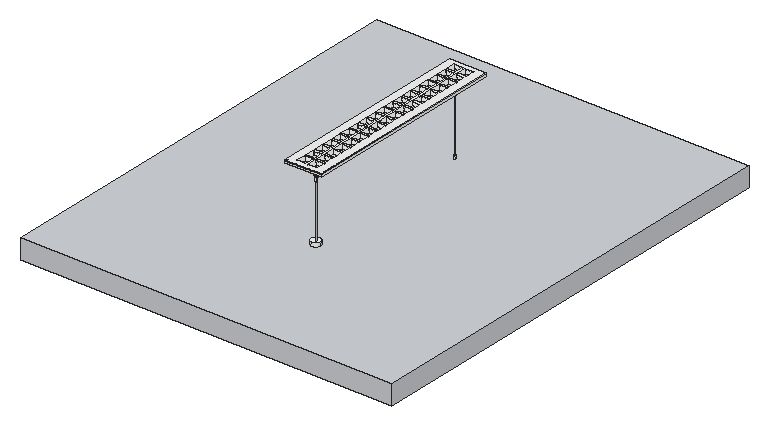
Revit family "Zumtobel MIREL-L DI L1348", category Lighting Fixtures, host Face, Revit 2014
Parameters (values of type "MIREL- L DI LED840 EVG ASQ1")
  Width = 238.00 mm  # constant formula
  Wattage = 38.5076 W
  built-in parameter 1150110 = 1 (stored number, unit not read)
  Voltage = 230 V
  URL = "http://www.zumtobel.com/42183049"
  Type Comments = "© Zumtobel. We reserve the right to make technical changes without prior notice."  # constant formula
  built-in parameter 1114217 = 1 (stored number, unit not read)
  Tilt Angle = 90.00°
  built-in parameter 1150109 = 1 (stored number, unit not read)
  built-in parameter 1150134 = (empty or 0)
  Suspension Value [instance] = if(Suspension Height < 257.00 mm, 257.00 mm, Suspension Height)  # 500.00 mm
  Suspension Height [instance] = 500.00 mm
  Suspension [instance] = Zumtobel_Metal_White
  built-in parameter 1150113 = 1 (stored number, unit not read)
  Photometric Web File = "42183049_(STD).IES"
  Model = "42183049"
  Manufacturer = "Zumtobel Lighting"  # constant formula
  built-in parameter 1150105 = 2829.1 (stored number, unit not read)
  Lumens = 5720 lm
  built-in parameter 1150115 = 1 (stored number, unit not read)
  built-in parameter 1150137 = (empty or 0)
  built-in parameter 1150139 = (empty or 0)
  Length = 1348.00 mm  # constant formula
  built-in parameter 1150112 = 1 (stored number, unit not read)
  built-in parameter 1150114 = 1 (stored number, unit not read)
  Lamp = "LED"
  built-in parameter 1150132 = 2
  built-in parameter 1150102 = (empty or 0)
  built-in parameter 1150107 = 3000 (stored number, unit not read)
  built-in parameter 1150138 = (empty or 0)
  built-in parameter 1150106 = 28.291 (stored number, unit not read)
  Height = 52.00 mm  # constant formula
  Emit from Rectangle Width = Length  # 1348.00 mm
  Emit from Rectangle Length = Width  # 238.00 mm
  Emit Shape Visible in Rendering = no
  built-in parameter 1150104 = 13.8 (stored number, unit not read)
  Dimming Lamp Color Temperature Shift = <None>
  Description = " Surface mount LED luminaire "  # constant formula
  Cover [instance] = Zumtobel_MIREL_Lamp_Self_llumination
  Color Filter = 16777215
  built-in parameter 1114216 [instance] = (empty or 0)
  Body [instance] = Zumtobel_Metal_White
  built-in parameter 1114218 = 1 (stored number, unit not read)
  built-in parameter 1150133 = 10 (stored number, unit not read)
  Apparent Load = 58 VA
  Default Elevation = 0.00 mm
  Assembly Code = "D5020200"
Reference planes
  plane 1 "Top": z = 0
  plane 2 "Center (Left/Right)": x = 0
  plane 3 "Center (Front/Back)": y = -11.001
  plane 4 "Back": y = 662.999
  plane 5 "Front": y = -685.001
  plane 6 "Left": x = -119
  plane 7 "Right": x = 119
  plane 8 "Back Cover": z = 0
  plane 9 "Top Body": z = 500
  plane 10: z = 497
  plane 11: z = 494
  plane 12 "Top Top": z = 459
  plane 13 "Bottom Top": z = 479
  plane 14 "Suspension Back": y = 558.249
  plane 15 "Suspension Front": y = -580.251
  plane 16: y = 587.999
  plane 17: y = 579.999
  plane 18: y = -610.001
  plane 19: y = -602.001
  plane 20: z = 20
  plane 21: z = 10
  plane 22: z = 389
  plane 23: z = 369
  plane 24: z = 394
  plane 25: x = -46.47
  plane 26: x = 46.47
Forms (mm)
  Extrusion 1, solid
    sketch origin (0, 0, 0) x (1, 0, 0) y (0, 1, 0)
      loop
        line (-1219.2, 1439.2) -> (-1219.2, -1480.8) -> (1219.2, -1480.8) -> (1219.2, 1439.2) -> (-1219.2, 1439.2)
    from 0 to -127.877
  Extrusion 2, solid, material "Zumtobel_Metal_White" <- "Body", detail levels medium+fine
    sketch origin (0, 0, 0) x (1, 0, 0) y (0, 1, 0)
      loop
        line (-119, 662.999) -> (-119, -685.001) -> (119, -685.001) -> (119, 662.999) -> (-119, 662.999)
    from 479 to 494
  Extrusion 3, solid, material "Zumtobel_Metal_White" <- "Body", detail levels medium+fine
    sketch origin (0, 0, 0) x (1, 0, 0) y (0, 1, 0)
      loop
        line (-119, 662.999) -> (-119, -685.001) -> (119, -685.001) -> (119, 662.999) -> (-119, 662.999)
    from 497 to 500
  Blend 4, void
    base sketch origin (0, 0, 500) x (-1, 0, 0) y (0, -1, 0)
      loop
        line (65.95, 378.401) -> (65.95, 438.401) -> (5.95, 438.401) -> (5.95, 378.401) -> (65.95, 378.401)
    top sketch origin (0, 0, 500) x (-1, 0, 0) y (0, -1, 0)
      loop
        line (51.95, 392.401) -> (51.95, 424.401) -> (19.95, 424.401) -> (19.95, 392.401) -> (51.95, 392.401)
    from 0 to -18
  Blend 5, void
    base sketch origin (0, 0, 500) x (-1, 0, 0) y (0, -1, 0)
      loop
        line (65.95, 450.267) -> (65.95, 510.267) -> (5.95, 510.267) -> (5.95, 450.267) -> (65.95, 450.267)
    top sketch origin (0, 0, 500) x (-1, 0, 0) y (0, -1, 0)
      loop
        line (51.95, 464.267) -> (51.95, 496.267) -> (19.95, 496.267) -> (19.95, 464.267) -> (51.95, 464.267)
    from 0 to -18
  Blend 6, void
    base sketch origin (0, 0, 500) x (-1, 0, 0) y (0, -1, 0)
      loop
        line (65.95, 522.134) -> (65.95, 582.134) -> (5.95, 582.134) -> (5.95, 522.134) -> (65.95, 522.134)
    top sketch origin (0, 0, 500) x (-1, 0, 0) y (0, -1, 0)
      loop
        line (51.95, 536.134) -> (51.95, 568.134) -> (19.95, 568.134) -> (19.95, 536.134) -> (51.95, 536.134)
    from 0 to -18
  Blend 7, void
    base sketch origin (0, 0, 500) x (-1, 0, 0) y (0, -1, 0)
      loop
        line (65.95, 594.001) -> (65.95, 654.001) -> (5.95, 654.001) -> (5.95, 594.001) -> (65.95, 594.001)
    top sketch origin (0, 0, 500) x (-1, 0, 0) y (0, -1, 0)
      loop
        line (51.95, 608.001) -> (51.95, 640.001) -> (19.95, 640.001) -> (19.95, 608.001) -> (51.95, 608.001)
    from 0 to -18
  Extrusion 8, solid, material "Zumtobel_Metal_White" <- "Body", detail levels medium+fine
    sketch origin (0, 0, -15) x (1, 0, 0) y (0, 1, 0)
      loop
        line (-114, 657.999) -> (-114, -680.001) -> (114, -680.001) -> (114, 657.999) -> (-114, 657.999)
    from 509 to 512
  Blend 9, void
    base sketch origin (0, 0, 500) x (-1, 0, 0) y (0, -1, 0)
      loop
        line (-65.95, 378.401) -> (-5.95, 378.401) -> (-5.95, 438.401) -> (-65.95, 438.401) -> (-65.95, 378.401)
    top sketch origin (0, 0, 500) x (-1, 0, 0) y (0, -1, 0)
      loop
        line (-51.95, 392.401) -> (-19.95, 392.401) -> (-19.95, 424.401) -> (-51.95, 424.401) -> (-51.95, 392.401)
    from 0 to -18
  Blend 10, void
    base sketch origin (0, 0, 500) x (-1, 0, 0) y (0, -1, 0)
      loop
        line (-65.95, 450.267) -> (-5.95, 450.267) -> (-5.95, 510.267) -> (-65.95, 510.267) -> (-65.95, 450.267)
    top sketch origin (0, 0, 500) x (-1, 0, 0) y (0, -1, 0)
      loop
        line (-51.95, 464.267) -> (-19.95, 464.267) -> (-19.95, 496.267) -> (-51.95, 496.267) -> (-51.95, 464.267)
    from 0 to -18
  Blend 11, void
    base sketch origin (0, 0, 500) x (-1, 0, 0) y (0, -1, 0)
      loop
        line (-65.95, 522.134) -> (-5.95, 522.134) -> (-5.95, 582.134) -> (-65.95, 582.134) -> (-65.95, 522.134)
    top sketch origin (0, 0, 500) x (-1, 0, 0) y (0, -1, 0)
      loop
        line (-51.95, 536.134) -> (-19.95, 536.134) -> (-19.95, 568.134) -> (-51.95, 568.134) -> (-51.95, 536.134)
    from 0 to -18
  Blend 12, void
    base sketch origin (0, 0, 500) x (-1, 0, 0) y (0, -1, 0)
      loop
        line (-65.95, 594.001) -> (-5.95, 594.001) -> (-5.95, 654.001) -> (-65.95, 654.001) -> (-65.95, 594.001)
    top sketch origin (0, 0, 500) x (-1, 0, 0) y (0, -1, 0)
      loop
        line (-51.95, 608.001) -> (-19.95, 608.001) -> (-19.95, 640.001) -> (-51.95, 640.001) -> (-51.95, 608.001)
    from 0 to -18
  Blend 13, void
    base sketch origin (0, 0, 500) x (-1, 0, 0) y (0, -1, 0)
      loop
        line (65.95, 88.801) -> (65.95, 148.801) -> (5.95, 148.801) -> (5.95, 88.801) -> (65.95, 88.801)
    top sketch origin (0, 0, 500) x (-1, 0, 0) y (0, -1, 0)
      loop
        line (51.95, 102.801) -> (51.95, 134.801) -> (19.95, 134.801) -> (19.95, 102.801) -> (51.95, 102.801)
    from 0 to -18
  Blend 14, void
    base sketch origin (0, 0, 500) x (-1, 0, 0) y (0, -1, 0)
      loop
        line (65.95, 160.667) -> (65.95, 220.667) -> (5.95, 220.667) -> (5.95, 160.667) -> (65.95, 160.667)
    top sketch origin (0, 0, 500) x (-1, 0, 0) y (0, -1, 0)
      loop
        line (51.95, 174.667) -> (51.95, 206.667) -> (19.95, 206.667) -> (19.95, 174.667) -> (51.95, 174.667)
    from 0 to -18
  Blend 15, void
    base sketch origin (0, 0, 500) x (-1, 0, 0) y (0, -1, 0)
      loop
        line (65.95, 232.534) -> (65.95, 292.534) -> (5.95, 292.534) -> (5.95, 232.534) -> (65.95, 232.534)
    top sketch origin (0, 0, 500) x (-1, 0, 0) y (0, -1, 0)
      loop
        line (51.95, 246.534) -> (51.95, 278.534) -> (19.95, 278.534) -> (19.95, 246.534) -> (51.95, 246.534)
    from 0 to -18
  Blend 16, void
    base sketch origin (0, 0, 500) x (-1, 0, 0) y (0, -1, 0)
      loop
        line (-65.95, 88.801) -> (-5.95, 88.801) -> (-5.95, 148.801) -> (-65.95, 148.801) -> (-65.95, 88.801)
    top sketch origin (0, 0, 500) x (-1, 0, 0) y (0, -1, 0)
      loop
        line (-51.95, 102.801) -> (-19.95, 102.801) -> (-19.95, 134.801) -> (-51.95, 134.801) -> (-51.95, 102.801)
    from 0 to -18
  Blend 17, void
    base sketch origin (0, 0, 500) x (-1, 0, 0) y (0, -1, 0)
      loop
        line (-65.95, 160.667) -> (-5.95, 160.667) -> (-5.95, 220.667) -> (-65.95, 220.667) -> (-65.95, 160.667)
    top sketch origin (0, 0, 500) x (-1, 0, 0) y (0, -1, 0)
      loop
        line (-51.95, 174.667) -> (-19.95, 174.667) -> (-19.95, 206.667) -> (-51.95, 206.667) -> (-51.95, 174.667)
    from 0 to -18
  Blend 18, void
    base sketch origin (0, 0, 500) x (-1, 0, 0) y (0, -1, 0)
      loop
        line (-65.95, 232.534) -> (-5.95, 232.534) -> (-5.95, 292.534) -> (-65.95, 292.534) -> (-65.95, 232.534)
    top sketch origin (0, 0, 500) x (-1, 0, 0) y (0, -1, 0)
      loop
        line (-51.95, 246.534) -> (-19.95, 246.534) -> (-19.95, 278.534) -> (-51.95, 278.534) -> (-51.95, 246.534)
    from 0 to -18
  Blend 19, void
    base sketch origin (0, 0, 500) x (-1, 0, 0) y (0, -1, 0)
      loop
        line (65.95, -126.799) -> (65.95, -66.799) -> (5.95, -66.799) -> (5.95, -126.799) -> (65.95, -126.799)
    top sketch origin (0, 0, 500) x (-1, 0, 0) y (0, -1, 0)
      loop
        line (51.95, -112.799) -> (51.95, -80.799) -> (19.95, -80.799) -> (19.95, -112.799) -> (51.95, -112.799)
    from 0 to -18
  Blend 20, void
    base sketch origin (0, 0, 500) x (-1, 0, 0) y (0, -1, 0)
      loop
        line (65.95, -54.933) -> (65.95, 5.067) -> (5.95, 5.067) -> (5.95, -54.933) -> (65.95, -54.933)
    top sketch origin (0, 0, 500) x (-1, 0, 0) y (0, -1, 0)
      loop
        line (51.95, -40.933) -> (51.95, -8.933) -> (19.95, -8.933) -> (19.95, -40.933) -> (51.95, -40.933)
    from 0 to -18
  Blend 21, void
    base sketch origin (0, 0, 500) x (-1, 0, 0) y (0, -1, 0)
      loop
        line (65.95, 16.934) -> (65.95, 76.934) -> (5.95, 76.934) -> (5.95, 16.934) -> (65.95, 16.934)
    top sketch origin (0, 0, 500) x (-1, 0, 0) y (0, -1, 0)
      loop
        line (51.95, 30.934) -> (51.95, 62.934) -> (19.95, 62.934) -> (19.95, 30.934) -> (51.95, 30.934)
    from 0 to -18
  Blend 22, void
    base sketch origin (0, 0, 500) x (-1, 0, 0) y (0, -1, 0)
      loop
        line (-65.95, -126.799) -> (-5.95, -126.799) -> (-5.95, -66.799) -> (-65.95, -66.799) -> (-65.95, -126.799)
    top sketch origin (0, 0, 500) x (-1, 0, 0) y (0, -1, 0)
      loop
        line (-51.95, -112.799) -> (-19.95, -112.799) -> (-19.95, -80.799) -> (-51.95, -80.799) -> (-51.95, -112.799)
    from 0 to -18
  Blend 23, void
    base sketch origin (0, 0, 500) x (-1, 0, 0) y (0, -1, 0)
      loop
        line (-65.95, -54.933) -> (-5.95, -54.933) -> (-5.95, 5.067) -> (-65.95, 5.067) -> (-65.95, -54.933)
    top sketch origin (0, 0, 500) x (-1, 0, 0) y (0, -1, 0)
      loop
        line (-51.95, -40.933) -> (-19.95, -40.933) -> (-19.95, -8.933) -> (-51.95, -8.933) -> (-51.95, -40.933)
    from 0 to -18
  Blend 24, void
    base sketch origin (0, 0, 500) x (-1, 0, 0) y (0, -1, 0)
      loop
        line (-65.95, 16.934) -> (-5.95, 16.934) -> (-5.95, 76.934) -> (-65.95, 76.934) -> (-65.95, 16.934)
    top sketch origin (0, 0, 500) x (-1, 0, 0) y (0, -1, 0)
      loop
        line (-51.95, 30.934) -> (-19.95, 30.934) -> (-19.95, 62.934) -> (-51.95, 62.934) -> (-51.95, 30.934)
    from 0 to -18
  Blend 25, void
    base sketch origin (0, 0, 500) x (-1, 0, 0) y (0, -1, 0)
      loop
        line (65.95, -270.533) -> (65.95, -210.533) -> (5.95, -210.533) -> (5.95, -270.533) -> (65.95, -270.533)
    top sketch origin (0, 0, 500) x (-1, 0, 0) y (0, -1, 0)
      loop
        line (51.95, -256.533) -> (51.95, -224.533) -> (19.95, -224.533) -> (19.95, -256.533) -> (51.95, -256.533)
    from 0 to -18
  Blend 26, void
    base sketch origin (0, 0, 500) x (-1, 0, 0) y (0, -1, 0)
      loop
        line (65.95, -198.666) -> (65.95, -138.666) -> (5.95, -138.666) -> (5.95, -198.666) -> (65.95, -198.666)
    top sketch origin (0, 0, 500) x (-1, 0, 0) y (0, -1, 0)
      loop
        line (51.95, -184.666) -> (51.95, -152.666) -> (19.95, -152.666) -> (19.95, -184.666) -> (51.95, -184.666)
    from 0 to -18
  Blend 27, void
    base sketch origin (0, 0, 500) x (-1, 0, 0) y (0, -1, 0)
      loop
        line (-65.95, -270.533) -> (-5.95, -270.533) -> (-5.95, -210.533) -> (-65.95, -210.533) -> (-65.95, -270.533)
    top sketch origin (0, 0, 500) x (-1, 0, 0) y (0, -1, 0)
      loop
        line (-51.95, -256.533) -> (-19.95, -256.533) -> (-19.95, -224.533) -> (-51.95, -224.533) -> (-51.95, -256.533)
    from 0 to -18
  Blend 28, void
    base sketch origin (0, 0, 500) x (-1, 0, 0) y (0, -1, 0)
      loop
        line (-65.95, -198.666) -> (-5.95, -198.666) -> (-5.95, -138.666) -> (-65.95, -138.666) -> (-65.95, -198.666)
    top sketch origin (0, 0, 500) x (-1, 0, 0) y (0, -1, 0)
      loop
        line (-51.95, -184.666) -> (-19.95, -184.666) -> (-19.95, -152.666) -> (-51.95, -152.666) -> (-51.95, -184.666)
    from 0 to -18
  Blend 29, void
    base sketch origin (0, 0, 500) x (-1, 0, 0) y (0, -1, 0)
      loop
        line (65.95, -631.999) -> (65.95, -571.999) -> (5.95, -571.999) -> (5.95, -631.999) -> (65.95, -631.999)
    top sketch origin (0, 0, 500) x (-1, 0, 0) y (0, -1, 0)
      loop
        line (51.95, -617.999) -> (51.95, -585.999) -> (19.95, -585.999) -> (19.95, -617.999) -> (51.95, -617.999)
    from 0 to -18
  Blend 30, void
    base sketch origin (0, 0, 500) x (-1, 0, 0) y (0, -1, 0)
      loop
        line (65.95, -560.133) -> (65.95, -500.133) -> (5.95, -500.133) -> (5.95, -560.133) -> (65.95, -560.133)
    top sketch origin (0, 0, 500) x (-1, 0, 0) y (0, -1, 0)
      loop
        line (51.95, -546.133) -> (51.95, -514.133) -> (19.95, -514.133) -> (19.95, -546.133) -> (51.95, -546.133)
    from 0 to -18
  Blend 31, void
    base sketch origin (0, 0, 500) x (-1, 0, 0) y (0, -1, 0)
      loop
        line (65.95, -488.266) -> (65.95, -428.266) -> (5.95, -428.266) -> (5.95, -488.266) -> (65.95, -488.266)
    top sketch origin (0, 0, 500) x (-1, 0, 0) y (0, -1, 0)
      loop
        line (51.95, -474.266) -> (51.95, -442.266) -> (19.95, -442.266) -> (19.95, -474.266) -> (51.95, -474.266)
    from 0 to -18
  Blend 32, void
    base sketch origin (0, 0, 500) x (-1, 0, 0) y (0, -1, 0)
      loop
        line (-65.95, -631.999) -> (-5.95, -631.999) -> (-5.95, -571.999) -> (-65.95, -571.999) -> (-65.95, -631.999)
    top sketch origin (0, 0, 500) x (-1, 0, 0) y (0, -1, 0)
      loop
        line (-51.95, -617.999) -> (-19.95, -617.999) -> (-19.95, -585.999) -> (-51.95, -585.999) -> (-51.95, -617.999)
    from 0 to -18
  Blend 33, void
    base sketch origin (0, 0, 500) x (-1, 0, 0) y (0, -1, 0)
      loop
        line (-65.95, -560.133) -> (-5.95, -560.133) -> (-5.95, -500.133) -> (-65.95, -500.133) -> (-65.95, -560.133)
    top sketch origin (0, 0, 500) x (-1, 0, 0) y (0, -1, 0)
      loop
        line (-51.95, -546.133) -> (-19.95, -546.133) -> (-19.95, -514.133) -> (-51.95, -514.133) -> (-51.95, -546.133)
    from 0 to -18
  Blend 34, void
    base sketch origin (0, 0, 500) x (-1, 0, 0) y (0, -1, 0)
      loop
        line (-65.95, -488.266) -> (-5.95, -488.266) -> (-5.95, -428.266) -> (-65.95, -428.266) -> (-65.95, -488.266)
    top sketch origin (0, 0, 500) x (-1, 0, 0) y (0, -1, 0)
      loop
        line (-51.95, -474.266) -> (-19.95, -474.266) -> (-19.95, -442.266) -> (-51.95, -442.266) -> (-51.95, -474.266)
    from 0 to -18
  Blend 35, void
    base sketch origin (0, 0, 500) x (-1, 0, 0) y (0, -1, 0)
      loop
        line (65.95, -416.399) -> (65.95, -356.399) -> (5.95, -356.399) -> (5.95, -416.399) -> (65.95, -416.399)
    top sketch origin (0, 0, 500) x (-1, 0, 0) y (0, -1, 0)
      loop
        line (51.95, -402.399) -> (51.95, -370.399) -> (19.95, -370.399) -> (19.95, -402.399) -> (51.95, -402.399)
    from 0 to -18
  Blend 36, void
    base sketch origin (0, 0, 500) x (-1, 0, 0) y (0, -1, 0)
      loop
        line (-65.95, -416.399) -> (-5.95, -416.399) -> (-5.95, -356.399) -> (-65.95, -356.399) -> (-65.95, -416.399)
    top sketch origin (0, 0, 500) x (-1, 0, 0) y (0, -1, 0)
      loop
        line (-51.95, -402.399) -> (-19.95, -402.399) -> (-19.95, -370.399) -> (-51.95, -370.399) -> (-51.95, -402.399)
    from 0 to -18
  Blend 37, void
    base sketch origin (0, 0, 500) x (-1, 0, 0) y (0, -1, 0)
      loop
        line (65.95, -344.533) -> (65.95, -284.533) -> (5.95, -284.533) -> (5.95, -344.533) -> (65.95, -344.533)
    top sketch origin (0, 0, 500) x (-1, 0, 0) y (0, -1, 0)
      loop
        line (51.95, -330.533) -> (51.95, -298.533) -> (19.95, -298.533) -> (19.95, -330.533) -> (51.95, -330.533)
    from 0 to -18
  Blend 38, void
    base sketch origin (0, 0, 500) x (-1, 0, 0) y (0, -1, 0)
      loop
        line (-65.95, -344.533) -> (-5.95, -344.533) -> (-5.95, -284.533) -> (-65.95, -284.533) -> (-65.95, -344.533)
    top sketch origin (0, 0, 500) x (-1, 0, 0) y (0, -1, 0)
      loop
        line (-51.95, -330.533) -> (-19.95, -330.533) -> (-19.95, -298.533) -> (-51.95, -298.533) -> (-51.95, -330.533)
    from 0 to -18
  Blend 39, void
    base sketch origin (0, 0, 500) x (-1, 0, 0) y (0, -1, 0)
      loop
        line (65.95, 304.401) -> (65.95, 364.401) -> (5.95, 364.401) -> (5.95, 304.401) -> (65.95, 304.401)
    top sketch origin (0, 0, 500) x (-1, 0, 0) y (0, -1, 0)
      loop
        line (51.95, 318.401) -> (51.95, 350.401) -> (19.95, 350.401) -> (19.95, 318.401) -> (51.95, 318.401)
    from 0 to -18
  Blend 40, void
    base sketch origin (0, 0, 500) x (-1, 0, 0) y (0, -1, 0)
      loop
        line (-65.95, 304.401) -> (-5.95, 304.401) -> (-5.95, 364.401) -> (-65.95, 364.401) -> (-65.95, 304.401)
    top sketch origin (0, 0, 500) x (-1, 0, 0) y (0, -1, 0)
      loop
        line (-51.95, 318.401) -> (-19.95, 318.401) -> (-19.95, 350.401) -> (-51.95, 350.401) -> (-51.95, 318.401)
    from 0 to -18
  Blend 41, solid, material "Zumtobel_Metal_White" <- "Body", detail levels medium+fine
    base sketch origin (0, 0, 479) x (-1, 0, 0) y (0, -1, 0)
      loop
        line (91.5, -587.999) -> (91.5, 610.001) -> (-91.5, 610.001) -> (-91.5, -587.999) -> (91.5, -587.999)
    top sketch origin (0, 0, 479) x (-1, 0, 0) y (0, -1, 0)
      loop
        line (-83.5, 602.001) -> (-83.5, -579.999) -> (83.5, -579.999) -> (83.5, 602.001) -> (-83.5, 602.001)
    from 0 to -20
  Extrusion 42, solid, material "Zumtobel_Metal_White" <- "Body", detail levels medium+fine
    sketch origin (0, 0, 0) x (1, 0, 0) y (0, 1, 0)
      loop
        circle (0, -580.251) r 30
    from 0 to 20
  Extrusion 43, solid, material "Zumtobel_Metal_White" <- "Suspension", detail levels medium+fine
    sketch origin (0, -22.001, 0) x (1, 0, 0) y (0, 1, 0)
      loop
        circle (0, 580.251) r 5
    from 0 to 20
  Extrusion 44, solid, material "Zumtobel_Metal_White" <- "Suspension", detail levels medium+fine
    sketch origin (0, 0, 85) x (1, 0, 0) y (0, 1, 0)
      loop
        circle (0, -580.251) r 4
      loop
        circle (0, 558.249) r 4
    from 284 to 309
  Extrusion 45, solid, material "Zumtobel_Metal_White" <- "Suspension", detail levels medium+fine
    sketch origin (0, -22.001, 65) x (1, 0, 0) y (0, 1, 0)
      loop
        circle (0, 580.251) r 1.5
      loop
        circle (0, -558.249) r 1.5
    from -45 to 304
  Sweep 46, solid, material "Zumtobel_Metal_White" <- "Suspension", detail levels medium+fine
    path origin (0, 558.249, 0) x (-1, 0, 0) y (0, 0, 1)
      loop
        line (46.47, 459) -> (8.579, 391.551)
        arc (8.579, 391.551) -> (6.745, 389.685) -> (4.22, 389) r 5
        line (4.22, 389) -> (-4.22, 389)
        arc (-4.22, 389) -> (-6.745, 389.685) -> (-8.579, 391.551) r 5
        line (-8.579, 391.551) -> (-46.47, 459)
    profile origin (0, 558.249, 389) x (0, 0, -1) y (0, 1, 0)
      loop
        circle (0, 0) r 1.498
  Sweep 47, solid, material "Zumtobel_Metal_White" <- "Suspension", detail levels medium+fine
    path origin (0, -580.251, 0) x (-1, 0, 0) y (0, 0, 1)
      loop
        line (46.47, 459) -> (8.579, 391.551)
        arc (8.579, 391.551) -> (6.745, 389.685) -> (4.22, 389) r 5
        line (4.22, 389) -> (-4.22, 389)
        arc (-4.22, 389) -> (-6.745, 389.685) -> (-8.579, 391.551) r 5
        line (-8.579, 391.551) -> (-46.47, 459)
    profile origin (0, -580.251, 389) x (0, 0, 1) y (0, -1, 0)
      loop
        circle (0, 0) r 1.498
Cuts and joins
  Blend 4, Blend 5, Blend 6, Blend 7, Blend 9, Blend 10, Blend 11, Blend 12, Blend 13, Blend 14, Blend 15, Blend 16, Blend 17, Blend 18, Blend 19, Blend 20, Blend 21, Blend 22, Blend 23, Blend 24, Blend 25, Blend 26, Blend 27, Blend 28, Blend 29, Blend 30, Blend 31, Blend 32, Blend 33, Blend 34, Blend 35, Blend 36, Blend 37, Blend 38, Blend 39, Blend 40 cuts Extrusion 2
  Blend 4, Blend 5, Blend 6, Blend 7, Blend 9, Blend 10, Blend 11, Blend 12, Blend 13, Blend 14, Blend 15, Blend 16, Blend 17, Blend 18, Blend 19, Blend 20, Blend 21, Blend 22, Blend 23, Blend 24, Blend 25, Blend 26, Blend 27, Blend 28, Blend 29, Blend 30, Blend 31, Blend 32, Blend 33, Blend 34, Blend 35, Blend 36, Blend 37, Blend 38, Blend 39, Blend 40 cuts Extrusion 3
  Blend 4, Blend 5, Blend 6, Blend 7, Blend 9, Blend 10, Blend 11, Blend 12, Blend 13, Blend 14, Blend 15, Blend 16, Blend 17, Blend 18, Blend 19, Blend 20, Blend 21, Blend 22, Blend 23, Blend 24, Blend 25, Blend 26, Blend 27, Blend 28, Blend 29, Blend 30, Blend 31, Blend 32, Blend 33, Blend 34, Blend 35, Blend 36, Blend 37, Blend 38, Blend 39, Blend 40 cuts Extrusion 8
  joined: Extrusion 2, Extrusion 3, Extrusion 8
  joined: Extrusion 44, Sweep 46, Sweep 47
Lines and regions (mm)
  symbolic lines, style "Zumtobel Lighting", detail levels coarse
    curve 1: line (-119, 662.999, 0) -> (119, 662.999, 0)
    curve 2: line (-119, -685.001, 0) -> (-119, 662.999, 0)
    curve 3: line (119, -685.001, 0) -> (-119, -685.001, 0)
    curve 4: line (119, 662.999, 0) -> (119, -685.001, 0)
Dimensions and locks
  equal spacing: plane 4 "Back", plane 3 "Center (Front/Back)", plane 5 "Front"
  "Length": plane 4 "Back" to plane 5 "Front"
  equal spacing: plane 6 "Left", plane 2 "Center (Left/Right)", plane 7 "Right"
  "Width": plane 6 "Left" to plane 7 "Right"
  plane 9 "Top Body" to plane 10 to plane 11 to plane 13 "Bottom Top" to plane 12 "Top Top" to plane 24 to plane 22 to plane 23 = 3.00 mm locked, 3.00 mm locked, 15.00 mm locked, 20.00 mm locked, 65.00 mm, 5.00 mm locked, 20.00 mm locked
  plane 4 "Back" to plane 16 to plane 17 = 75.00 mm locked, 8.00 mm locked
  plane 5 "Front" to plane 18 to plane 19 = 75.00 mm locked, 8.00 mm locked
  plane 20 to plane 21 to plane 1 "Top" = 10.00 mm locked, 10.00 mm locked
  "Suspension Value": plane 9 "Top Body" to plane 1 "Top"
  aligned and locked: plane 1 "Top" to Extrusion 1
  aligned and locked: level to Extrusion 1
  aligned: imposter light to plane 2 "Center (Left/Right)"
  aligned: imposter light to plane 3 "Center (Front/Back)"
  aligned and locked: imposter light to plane 9 "Top Body"
  aligned and locked: imposter light to plane 2 "Center (Left/Right)"
  aligned: plane 1 "Top" to Extrusion 2
  aligned and locked: curve 1 to cut or joined group 1 (Extrusion 2, Extrusion 3, Blend 4, Blend 5, Blend 6, Blend 7, Extrusion 8, Blend 9, Blend 10, Blend 11, Blend 12, Blend 13, Blend 14, Blend 15, Blend 16, Blend 17, Blend 18, Blend 19, Blend 20, Blend 21, Blend 22, Blend 23, Blend 24, Blend 25, Blend 26, Blend 27, Blend 28, Blend 29, Blend 30, Blend 31, Blend 32, Blend 33, Blend 34, Blend 35, Blend 36, Blend 37, Blend 38, Blend 39, Blend 40)
  aligned and locked: curve 2 to cut or joined group 1
  aligned and locked: curve 3 to cut or joined group 1
  aligned and locked: curve 4 to cut or joined group 1
  aligned and locked: Extrusion 3 to imposter light
  aligned and locked: Extrusion 3 to plane 10
  aligned and locked: Extrusion 8 to cut or joined group 1
  aligned and locked: Extrusion 8 to plane 11
  aligned and locked: plane 11 to Extrusion 2
  aligned and locked: Extrusion 2 sketch curve to plane 4 "Back"
  aligned and locked: Extrusion 2 sketch curve to plane 7 "Right"
  aligned and locked: Extrusion 2 sketch curve to plane 6 "Left"
  aligned and locked: Extrusion 2 sketch curve to plane 5 "Front"
  aligned and locked: cut or joined group 1 to plane 13 "Bottom Top"
  aligned and locked: Blend 41 to plane 12 "Top Top"
  aligned and locked: plane 20 to Extrusion 42
  aligned and locked: plane 20 to Extrusion 43
  aligned and locked: Extrusion 44 to plane 23
  aligned and locked: Extrusion 45 to plane 20
  aligned and locked: plane 23 to Extrusion 45
  aligned and locked: plane 24 to Extrusion 44
  aligned and locked: plane 22 to Sweep 46 sketch curve
  aligned and locked: plane 12 "Top Top" to Sweep 46 sketch curve  (x2)
  aligned and locked: plane 25 to Sweep 46 sketch curve
  aligned and locked: Sweep 46 sketch curve to plane 26
Automatic sketch dimensions
  Extrusion 1 sketch curve to Extrusion 1 sketch curve = 2438.40 mm
  Extrusion 1 sketch curve to Extrusion 1 sketch curve = 2920.00 mm
  plane 5 "Front" to Extrusion 3 sketch curve = 0.00 mm
  Extrusion 3 sketch curve to plane 6 "Left" = 0.00 mm
  Extrusion 3 sketch curve to plane 7 "Right" = 0.00 mm
  Extrusion 3 sketch curve to plane 4 "Back" = 0.00 mm
  Blend 4 sketch curve to plane 2 "Center (Left/Right)" = 5.95 mm
  Blend 4 sketch curve to plane 25 = 19.48 mm
  Blend 4 sketch curve to plane 15 "Suspension Front" = 201.85 mm
  Blend 4 sketch curve to Blend 4 sketch curve = 60.00 mm
  Blend 4 sketch curve to plane 2 "Center (Left/Right)" = 19.95 mm
  Blend 4 sketch curve to plane 25 = 5.48 mm
  Blend 4 sketch curve to plane 15 "Suspension Front" = 187.85 mm
  Blend 4 sketch curve to Blend 4 sketch curve = 32.00 mm
  Blend 5 sketch curve to plane 2 "Center (Left/Right)" = 5.95 mm
  Blend 5 sketch curve to plane 25 = 19.48 mm
  Blend 5 sketch curve to plane 15 "Suspension Front" = 129.983 mm
  Blend 5 sketch curve to Blend 5 sketch curve = 60.00 mm
  Blend 5 sketch curve to plane 2 "Center (Left/Right)" = 19.95 mm
  Blend 5 sketch curve to plane 25 = 5.48 mm
  Blend 5 sketch curve to plane 15 "Suspension Front" = 115.983 mm
  Blend 5 sketch curve to Blend 5 sketch curve = 32.00 mm
  Blend 6 sketch curve to plane 2 "Center (Left/Right)" = 5.95 mm
  plane 15 "Suspension Front" to Blend 6 sketch curve = 1.883 mm
  Blend 6 sketch curve to plane 25 = 19.48 mm
  Blend 6 sketch curve to plane 15 "Suspension Front" = 58.117 mm
  Blend 6 sketch curve to plane 2 "Center (Left/Right)" = 19.95 mm
  Blend 6 sketch curve to plane 25 = 5.48 mm
  Blend 6 sketch curve to plane 15 "Suspension Front" = 44.117 mm
  Blend 6 sketch curve to plane 15 "Suspension Front" = 12.117 mm
  Blend 7 sketch curve to plane 2 "Center (Left/Right)" = 5.95 mm
  Blend 7 sketch curve to plane 25 = 19.48 mm
  plane 19 to Blend 7 sketch curve = 8.00 mm
  Blend 7 sketch curve to plane 5 "Front" = 31.00 mm
  plane 18 to Blend 7 sketch curve = 2.00 mm
  Blend 7 sketch curve to plane 2 "Center (Left/Right)" = 19.95 mm
  Blend 7 sketch curve to plane 25 = 5.48 mm
  Blend 7 sketch curve to plane 18 = 30.00 mm
  Extrusion 8 sketch curve to plane 6 "Left" = 5.00 mm
  Extrusion 8 sketch curve to plane 7 "Right" = 5.00 mm
  Extrusion 8 sketch curve to plane 5 "Front" = 5.00 mm
  Extrusion 8 sketch curve to plane 4 "Back" = 5.00 mm
  Blend 9 sketch curve to plane 26 = 19.48 mm
  plane 2 "Center (Left/Right)" to Blend 9 sketch curve = 5.95 mm
  Blend 9 sketch curve to plane 15 "Suspension Front" = 201.85 mm
  Blend 9 sketch curve to Blend 9 sketch curve = 60.00 mm
  Blend 9 sketch curve to plane 26 = 5.48 mm
  plane 2 "Center (Left/Right)" to Blend 9 sketch curve = 19.95 mm
  Blend 9 sketch curve to plane 15 "Suspension Front" = 187.85 mm
  Blend 9 sketch curve to Blend 9 sketch curve = 32.00 mm
  Blend 10 sketch curve to plane 26 = 19.48 mm
  plane 2 "Center (Left/Right)" to Blend 10 sketch curve = 5.95 mm
  Blend 10 sketch curve to plane 15 "Suspension Front" = 129.983 mm
  Blend 10 sketch curve to Blend 10 sketch curve = 60.00 mm
  Blend 10 sketch curve to plane 26 = 5.48 mm
  plane 2 "Center (Left/Right)" to Blend 10 sketch curve = 19.95 mm
  Blend 10 sketch curve to plane 15 "Suspension Front" = 115.983 mm
  Blend 10 sketch curve to Blend 10 sketch curve = 32.00 mm
  plane 15 "Suspension Front" to Blend 11 sketch curve = 1.883 mm
  Blend 11 sketch curve to plane 26 = 19.48 mm
  plane 2 "Center (Left/Right)" to Blend 11 sketch curve = 5.95 mm
  Blend 11 sketch curve to plane 15 "Suspension Front" = 58.117 mm
  Blend 11 sketch curve to plane 26 = 5.48 mm
  plane 2 "Center (Left/Right)" to Blend 11 sketch curve = 19.95 mm
  Blend 11 sketch curve to plane 15 "Suspension Front" = 44.117 mm
  Blend 11 sketch curve to plane 15 "Suspension Front" = 12.117 mm
  Blend 12 sketch curve to plane 26 = 19.48 mm
  plane 2 "Center (Left/Right)" to Blend 12 sketch curve = 5.95 mm
  plane 19 to Blend 12 sketch curve = 8.00 mm
  Blend 12 sketch curve to plane 5 "Front" = 31.00 mm
  Blend 12 sketch curve to plane 26 = 5.48 mm
  plane 2 "Center (Left/Right)" to Blend 12 sketch curve = 19.95 mm
  plane 18 to Blend 12 sketch curve = 2.00 mm
  Blend 12 sketch curve to plane 18 = 30.00 mm
  Blend 13 sketch curve to plane 2 "Center (Left/Right)" = 5.95 mm
  Blend 13 sketch curve to plane 25 = 19.48 mm
  Blend 13 sketch curve to plane 3 "Center (Front/Back)" = 77.80 mm
  Blend 13 sketch curve to Blend 13 sketch curve = 60.00 mm
  Blend 13 sketch curve to plane 2 "Center (Left/Right)" = 19.95 mm
  Blend 13 sketch curve to plane 25 = 5.48 mm
  Blend 13 sketch curve to plane 3 "Center (Front/Back)" = 91.80 mm
  Blend 13 sketch curve to Blend 13 sketch curve = 32.00 mm
  Blend 14 sketch curve to plane 2 "Center (Left/Right)" = 5.95 mm
  Blend 14 sketch curve to plane 25 = 19.48 mm
  Blend 14 sketch curve to plane 3 "Center (Front/Back)" = 149.667 mm
  Blend 14 sketch curve to Blend 14 sketch curve = 60.00 mm
  Blend 14 sketch curve to plane 2 "Center (Left/Right)" = 19.95 mm
  Blend 14 sketch curve to plane 25 = 5.48 mm
  Blend 14 sketch curve to plane 3 "Center (Front/Back)" = 163.667 mm
  Blend 14 sketch curve to Blend 14 sketch curve = 32.00 mm
  Blend 15 sketch curve to plane 2 "Center (Left/Right)" = 5.95 mm
  Blend 15 sketch curve to plane 25 = 19.48 mm
  Blend 15 sketch curve to plane 3 "Center (Front/Back)" = 221.533 mm
  Blend 15 sketch curve to Blend 15 sketch curve = 60.00 mm
  Blend 15 sketch curve to plane 2 "Center (Left/Right)" = 19.95 mm
  Blend 15 sketch curve to plane 25 = 5.48 mm
  Blend 15 sketch curve to plane 3 "Center (Front/Back)" = 235.533 mm
  Blend 15 sketch curve to Blend 15 sketch curve = 32.00 mm
  Blend 16 sketch curve to plane 26 = 19.48 mm
  plane 2 "Center (Left/Right)" to Blend 16 sketch curve = 5.95 mm
  Blend 16 sketch curve to plane 3 "Center (Front/Back)" = 77.80 mm
  Blend 16 sketch curve to Blend 16 sketch curve = 60.00 mm
  Blend 16 sketch curve to plane 26 = 5.48 mm
  plane 2 "Center (Left/Right)" to Blend 16 sketch curve = 19.95 mm
  Blend 16 sketch curve to plane 3 "Center (Front/Back)" = 91.80 mm
  Blend 16 sketch curve to Blend 16 sketch curve = 32.00 mm
  Blend 17 sketch curve to plane 26 = 19.48 mm
  plane 2 "Center (Left/Right)" to Blend 17 sketch curve = 5.95 mm
  Blend 17 sketch curve to plane 3 "Center (Front/Back)" = 149.667 mm
  Blend 17 sketch curve to Blend 17 sketch curve = 60.00 mm
  Blend 17 sketch curve to plane 26 = 5.48 mm
  plane 2 "Center (Left/Right)" to Blend 17 sketch curve = 19.95 mm
  Blend 17 sketch curve to plane 3 "Center (Front/Back)" = 163.667 mm
  Blend 17 sketch curve to Blend 17 sketch curve = 32.00 mm
  Blend 18 sketch curve to plane 26 = 19.48 mm
  plane 2 "Center (Left/Right)" to Blend 18 sketch curve = 5.95 mm
  Blend 18 sketch curve to plane 3 "Center (Front/Back)" = 221.533 mm
  Blend 18 sketch curve to Blend 18 sketch curve = 60.00 mm
  Blend 18 sketch curve to plane 26 = 5.48 mm
  plane 2 "Center (Left/Right)" to Blend 18 sketch curve = 19.95 mm
  Blend 18 sketch curve to plane 3 "Center (Front/Back)" = 235.533 mm
  Blend 18 sketch curve to Blend 18 sketch curve = 32.00 mm
  Blend 19 sketch curve to plane 2 "Center (Left/Right)" = 5.95 mm
  Blend 19 sketch curve to plane 25 = 19.48 mm
  plane 3 "Center (Front/Back)" to Blend 19 sketch curve = 137.80 mm
  Blend 19 sketch curve to Blend 19 sketch curve = 60.00 mm
  Blend 19 sketch curve to plane 2 "Center (Left/Right)" = 19.95 mm
  Blend 19 sketch curve to plane 25 = 5.48 mm
  plane 3 "Center (Front/Back)" to Blend 19 sketch curve = 123.80 mm
  Blend 19 sketch curve to Blend 19 sketch curve = 32.00 mm
  Blend 20 sketch curve to plane 2 "Center (Left/Right)" = 5.95 mm
  plane 3 "Center (Front/Back)" to Blend 20 sketch curve = 5.933 mm
  Blend 20 sketch curve to plane 25 = 19.48 mm
  Blend 20 sketch curve to Blend 20 sketch curve = 60.00 mm
  Blend 20 sketch curve to plane 2 "Center (Left/Right)" = 19.95 mm
  Blend 20 sketch curve to plane 25 = 5.48 mm
  plane 3 "Center (Front/Back)" to Blend 20 sketch curve = 51.933 mm
  plane 3 "Center (Front/Back)" to Blend 20 sketch curve = 19.933 mm
  Blend 21 sketch curve to plane 2 "Center (Left/Right)" = 5.95 mm
  Blend 21 sketch curve to plane 25 = 19.48 mm
  Blend 21 sketch curve to plane 3 "Center (Front/Back)" = 5.933 mm
  Blend 21 sketch curve to Blend 21 sketch curve = 60.00 mm
  Blend 21 sketch curve to plane 2 "Center (Left/Right)" = 19.95 mm
  Blend 21 sketch curve to plane 25 = 5.48 mm
  Blend 21 sketch curve to plane 3 "Center (Front/Back)" = 19.933 mm
  Blend 21 sketch curve to Blend 21 sketch curve = 32.00 mm
  Blend 22 sketch curve to plane 26 = 19.48 mm
  plane 2 "Center (Left/Right)" to Blend 22 sketch curve = 5.95 mm
  plane 3 "Center (Front/Back)" to Blend 22 sketch curve = 137.80 mm
  Blend 22 sketch curve to Blend 22 sketch curve = 60.00 mm
  Blend 22 sketch curve to plane 26 = 5.48 mm
  plane 2 "Center (Left/Right)" to Blend 22 sketch curve = 19.95 mm
  plane 3 "Center (Front/Back)" to Blend 22 sketch curve = 123.80 mm
  Blend 22 sketch curve to Blend 22 sketch curve = 32.00 mm
  plane 3 "Center (Front/Back)" to Blend 23 sketch curve = 5.933 mm
  Blend 23 sketch curve to plane 26 = 19.48 mm
  plane 2 "Center (Left/Right)" to Blend 23 sketch curve = 5.95 mm
  Blend 23 sketch curve to Blend 23 sketch curve = 60.00 mm
  Blend 23 sketch curve to plane 26 = 5.48 mm
  plane 2 "Center (Left/Right)" to Blend 23 sketch curve = 19.95 mm
  plane 3 "Center (Front/Back)" to Blend 23 sketch curve = 51.933 mm
  plane 3 "Center (Front/Back)" to Blend 23 sketch curve = 19.933 mm
  Blend 24 sketch curve to plane 26 = 19.48 mm
  plane 2 "Center (Left/Right)" to Blend 24 sketch curve = 5.95 mm
  Blend 24 sketch curve to plane 3 "Center (Front/Back)" = 5.933 mm
  Blend 24 sketch curve to Blend 24 sketch curve = 60.00 mm
  Blend 24 sketch curve to plane 26 = 5.48 mm
  plane 2 "Center (Left/Right)" to Blend 24 sketch curve = 19.95 mm
  Blend 24 sketch curve to plane 3 "Center (Front/Back)" = 19.933 mm
  Blend 24 sketch curve to Blend 24 sketch curve = 32.00 mm
  Blend 25 sketch curve to plane 2 "Center (Left/Right)" = 5.95 mm
  Blend 25 sketch curve to plane 25 = 19.48 mm
  plane 3 "Center (Front/Back)" to Blend 25 sketch curve = 281.533 mm
  Blend 25 sketch curve to Blend 25 sketch curve = 60.00 mm
  Blend 25 sketch curve to plane 2 "Center (Left/Right)" = 19.95 mm
  Blend 25 sketch curve to plane 25 = 5.48 mm
  plane 3 "Center (Front/Back)" to Blend 25 sketch curve = 267.533 mm
  Blend 25 sketch curve to Blend 25 sketch curve = 32.00 mm
  Blend 26 sketch curve to plane 2 "Center (Left/Right)" = 5.95 mm
  Blend 26 sketch curve to plane 25 = 19.48 mm
  plane 3 "Center (Front/Back)" to Blend 26 sketch curve = 209.667 mm
  Blend 26 sketch curve to Blend 26 sketch curve = 60.00 mm
  Blend 26 sketch curve to plane 2 "Center (Left/Right)" = 19.95 mm
  Blend 26 sketch curve to plane 25 = 5.48 mm
  plane 3 "Center (Front/Back)" to Blend 26 sketch curve = 195.667 mm
  Blend 26 sketch curve to Blend 26 sketch curve = 32.00 mm
  Blend 27 sketch curve to plane 26 = 19.48 mm
  plane 2 "Center (Left/Right)" to Blend 27 sketch curve = 5.95 mm
  plane 3 "Center (Front/Back)" to Blend 27 sketch curve = 281.533 mm
  Blend 27 sketch curve to Blend 27 sketch curve = 60.00 mm
  Blend 27 sketch curve to plane 26 = 5.48 mm
  plane 2 "Center (Left/Right)" to Blend 27 sketch curve = 19.95 mm
  plane 3 "Center (Front/Back)" to Blend 27 sketch curve = 267.533 mm
  Blend 27 sketch curve to Blend 27 sketch curve = 32.00 mm
  Blend 28 sketch curve to plane 26 = 19.48 mm
  plane 2 "Center (Left/Right)" to Blend 28 sketch curve = 5.95 mm
  plane 3 "Center (Front/Back)" to Blend 28 sketch curve = 209.667 mm
  Blend 28 sketch curve to Blend 28 sketch curve = 60.00 mm
  Blend 28 sketch curve to plane 26 = 5.48 mm
  plane 2 "Center (Left/Right)" to Blend 28 sketch curve = 19.95 mm
  plane 3 "Center (Front/Back)" to Blend 28 sketch curve = 195.667 mm
  Blend 28 sketch curve to Blend 28 sketch curve = 32.00 mm
  Blend 29 sketch curve to plane 2 "Center (Left/Right)" = 5.95 mm
  plane 17 to Blend 29 sketch curve = 8.00 mm
  Blend 29 sketch curve to plane 25 = 19.48 mm
  Blend 29 sketch curve to plane 4 "Back" = 31.00 mm
  Blend 29 sketch curve to plane 2 "Center (Left/Right)" = 19.95 mm
  plane 16 to Blend 29 sketch curve = 2.00 mm
  Blend 29 sketch curve to plane 25 = 5.48 mm
  Blend 29 sketch curve to plane 16 = 30.00 mm
  plane 14 "Suspension Back" to Blend 30 sketch curve = 1.883 mm
  Blend 30 sketch curve to plane 2 "Center (Left/Right)" = 5.95 mm
  Blend 30 sketch curve to plane 25 = 19.48 mm
  Blend 30 sketch curve to plane 14 "Suspension Back" = 58.117 mm
  Blend 30 sketch curve to plane 2 "Center (Left/Right)" = 19.95 mm
  Blend 30 sketch curve to plane 25 = 5.48 mm
  Blend 30 sketch curve to plane 14 "Suspension Back" = 12.117 mm
  Blend 30 sketch curve to Blend 30 sketch curve = 32.00 mm
  Blend 31 sketch curve to plane 2 "Center (Left/Right)" = 5.95 mm
  Blend 31 sketch curve to plane 25 = 19.48 mm
  Blend 31 sketch curve to plane 14 "Suspension Back" = 69.983 mm
  Blend 31 sketch curve to Blend 31 sketch curve = 60.00 mm
  Blend 31 sketch curve to plane 2 "Center (Left/Right)" = 19.95 mm
  Blend 31 sketch curve to plane 25 = 5.48 mm
  Blend 31 sketch curve to plane 14 "Suspension Back" = 83.983 mm
  Blend 31 sketch curve to Blend 31 sketch curve = 32.00 mm
  plane 17 to Blend 32 sketch curve = 8.00 mm
  Blend 32 sketch curve to plane 26 = 19.48 mm
  plane 2 "Center (Left/Right)" to Blend 32 sketch curve = 5.95 mm
  Blend 32 sketch curve to plane 4 "Back" = 31.00 mm
  plane 16 to Blend 32 sketch curve = 2.00 mm
  Blend 32 sketch curve to plane 26 = 5.48 mm
  plane 2 "Center (Left/Right)" to Blend 32 sketch curve = 19.95 mm
  Blend 32 sketch curve to plane 16 = 30.00 mm
  Blend 33 sketch curve to plane 26 = 19.48 mm
  plane 2 "Center (Left/Right)" to Blend 33 sketch curve = 5.95 mm
  plane 14 "Suspension Back" to Blend 33 sketch curve = 1.883 mm
  Blend 33 sketch curve to plane 14 "Suspension Back" = 58.117 mm
  Blend 33 sketch curve to plane 26 = 5.48 mm
  plane 2 "Center (Left/Right)" to Blend 33 sketch curve = 19.95 mm
  Blend 33 sketch curve to plane 14 "Suspension Back" = 12.117 mm
  Blend 33 sketch curve to Blend 33 sketch curve = 32.00 mm
  Blend 34 sketch curve to plane 26 = 19.48 mm
  plane 2 "Center (Left/Right)" to Blend 34 sketch curve = 5.95 mm
  Blend 34 sketch curve to plane 14 "Suspension Back" = 69.983 mm
  Blend 34 sketch curve to Blend 34 sketch curve = 60.00 mm
  Blend 34 sketch curve to plane 26 = 5.48 mm
  plane 2 "Center (Left/Right)" to Blend 34 sketch curve = 19.95 mm
  Blend 34 sketch curve to plane 14 "Suspension Back" = 83.983 mm
  Blend 34 sketch curve to Blend 34 sketch curve = 32.00 mm
  Blend 35 sketch curve to plane 2 "Center (Left/Right)" = 5.95 mm
  Blend 35 sketch curve to plane 25 = 19.48 mm
  Blend 35 sketch curve to plane 14 "Suspension Back" = 141.85 mm
  Blend 35 sketch curve to Blend 35 sketch curve = 60.00 mm
  Blend 35 sketch curve to plane 2 "Center (Left/Right)" = 19.95 mm
  Blend 35 sketch curve to plane 25 = 5.48 mm
  Blend 35 sketch curve to plane 14 "Suspension Back" = 155.85 mm
  Blend 35 sketch curve to Blend 35 sketch curve = 32.00 mm
  Blend 36 sketch curve to plane 26 = 19.48 mm
  plane 2 "Center (Left/Right)" to Blend 36 sketch curve = 5.95 mm
  Blend 36 sketch curve to plane 14 "Suspension Back" = 141.85 mm
  Blend 36 sketch curve to Blend 36 sketch curve = 60.00 mm
  Blend 36 sketch curve to plane 26 = 5.48 mm
  plane 2 "Center (Left/Right)" to Blend 36 sketch curve = 19.95 mm
  Blend 36 sketch curve to plane 14 "Suspension Back" = 155.85 mm
  Blend 36 sketch curve to Blend 36 sketch curve = 32.00 mm
  Blend 37 sketch curve to plane 2 "Center (Left/Right)" = 5.95 mm
  Blend 37 sketch curve to plane 25 = 19.48 mm
  Blend 37 sketch curve to plane 14 "Suspension Back" = 213.717 mm
  Blend 37 sketch curve to Blend 37 sketch curve = 60.00 mm
  Blend 37 sketch curve to plane 2 "Center (Left/Right)" = 19.95 mm
  Blend 37 sketch curve to plane 25 = 5.48 mm
  Blend 37 sketch curve to plane 14 "Suspension Back" = 227.717 mm
  Blend 37 sketch curve to Blend 37 sketch curve = 32.00 mm
  Blend 38 sketch curve to plane 26 = 19.48 mm
  plane 2 "Center (Left/Right)" to Blend 38 sketch curve = 5.95 mm
  Blend 38 sketch curve to plane 14 "Suspension Back" = 213.717 mm
  Blend 38 sketch curve to Blend 38 sketch curve = 60.00 mm
  Blend 38 sketch curve to plane 26 = 5.48 mm
  plane 2 "Center (Left/Right)" to Blend 38 sketch curve = 19.95 mm
  Blend 38 sketch curve to plane 14 "Suspension Back" = 227.717 mm
  Blend 38 sketch curve to Blend 38 sketch curve = 32.00 mm
  Blend 39 sketch curve to plane 2 "Center (Left/Right)" = 5.95 mm
  Blend 39 sketch curve to plane 25 = 19.48 mm
  Blend 39 sketch curve to plane 15 "Suspension Front" = 275.85 mm
  Blend 39 sketch curve to Blend 39 sketch curve = 60.00 mm
  Blend 39 sketch curve to plane 2 "Center (Left/Right)" = 19.95 mm
  Blend 39 sketch curve to plane 25 = 5.48 mm
  Blend 39 sketch curve to plane 15 "Suspension Front" = 261.85 mm
  Blend 39 sketch curve to Blend 39 sketch curve = 32.00 mm
  Blend 40 sketch curve to plane 26 = 19.48 mm
  plane 2 "Center (Left/Right)" to Blend 40 sketch curve = 5.95 mm
  Blend 40 sketch curve to plane 15 "Suspension Front" = 275.85 mm
  Blend 40 sketch curve to Blend 40 sketch curve = 60.00 mm
  Blend 40 sketch curve to plane 26 = 5.48 mm
  plane 2 "Center (Left/Right)" to Blend 40 sketch curve = 19.95 mm
  Blend 40 sketch curve to plane 15 "Suspension Front" = 261.85 mm
  Blend 40 sketch curve to Blend 40 sketch curve = 32.00 mm
  plane 16 to Blend 41 sketch curve = 0.00 mm
  Blend 41 sketch curve to plane 18 = 0.00 mm
  Blend 41 sketch curve to plane 7 "Right" = 27.50 mm
  Blend 41 sketch curve to plane 6 "Left" = 27.50 mm
  plane 17 to Blend 41 sketch curve = 0.00 mm
  Blend 41 sketch curve to plane 19 = 0.00 mm
  Blend 41 sketch curve to plane 7 "Right" = 35.50 mm
  Blend 41 sketch curve to plane 6 "Left" = 35.50 mm
  Extrusion 42 sketch curve to plane 2 "Center (Left/Right)" = 0.00 mm
  plane 15 "Suspension Front" to Extrusion 42 sketch curve = 0.00 mm
  Extrusion 43 sketch curve to plane 2 "Center (Left/Right)" = 0.00 mm
  Extrusion 43 sketch curve to plane 14 "Suspension Back" = 0.00 mm
  Extrusion 44 sketch curve to plane 2 "Center (Left/Right)" = 0.00 mm  (x2)
  plane 15 "Suspension Front" to Extrusion 44 sketch curve = 0.00 mm
  Extrusion 44 sketch curve to plane 14 "Suspension Back" = 0.00 mm
  Extrusion 45 sketch curve to plane 2 "Center (Left/Right)" = 0.00 mm  (x2)
  Extrusion 45 sketch curve to plane 14 "Suspension Back" = 0.00 mm
  plane 15 "Suspension Front" to Extrusion 45 sketch curve = 0.00 mm
  Sweep 46 sketch curve to plane 24 = 0.00 mm  (x2)
  Sweep 46 sketch curve to plane 24 = 2.449 mm  (x2)
  plane 2 "Center (Left/Right)" to Sweep 46 sketch curve = 8.579 mm
  Sweep 46 sketch curve to plane 2 "Center (Left/Right)" = 4.22 mm
  Sweep 46 sketch curve to plane 14 "Suspension Back" = 0.00 mm
  Sweep 46 sketch curve to profile plane = 0.00 mm
  profile plane to Sweep 47 sketch curve = 0.00 mm
  Sweep 47 sketch curve to profile plane = 0.00 mm
  Sweep 47 sketch curve to plane 12 "Top Top" = 0.00 mm  (x2)
  Sweep 47 sketch curve to plane 26 = 0.00 mm
  Sweep 47 sketch curve to plane 24 = 0.00 mm  (x2)
  Sweep 47 sketch curve to plane 22 = 0.00 mm
  Sweep 47 sketch curve to plane 25 = 0.00 mm
  plane 24 to Sweep 47 sketch curve = 2.449 mm  (x2)
  Sweep 47 sketch curve to plane 2 "Center (Left/Right)" = 8.579 mm
  plane 2 "Center (Left/Right)" to Sweep 47 sketch curve = 4.22 mm
  radius of Extrusion 42 sketch curve = 30.00 mm
  radius of Extrusion 43 sketch curve = 5.00 mm
  radius of Extrusion 44 sketch curve = 4.00 mm  (x2)
  radius of Extrusion 45 sketch curve = 1.50 mm  (x2)
  radius of Sweep 46 sketch curve = 1.498 mm
  radius of Sweep 47 sketch curve = 1.498 mm
Connectors
  electrical at (0, -580.251, 0), driven by "Apparent Load", driven by "Voltage", driven by "Apparent Load"
    settings: index 1, voltage 230 V, apparent load 58 VA, apparent load phase1 58 VA, apparent load phase2 0 VA, apparent load phase3 0 VA, power factor 1, load classification "Lighting", number of poles 1, system type 30, power factor state 1, is connector primary yes, connector utility no, sub classification motor no, connector description ""
